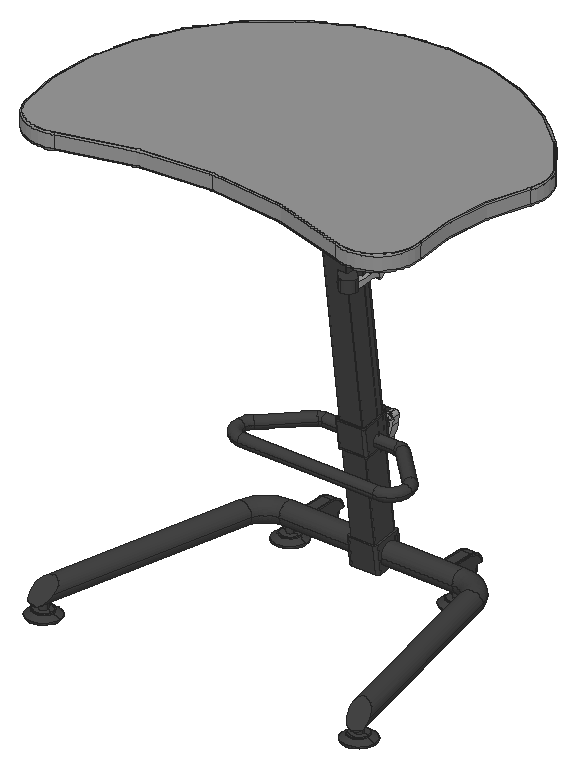
Revit family "Sail Up-Rite", category Generic Models, Revit 2018
Family settings
  Can host rebar = No
  Round Connector Dimension = Use Diameter
  Part Type = Normal
  Work Plane-Based = No
  Always vertical = Yes
  Cut with Voids When Loaded = No
  Shared = No
  Room Calculation Point = No
Parameters
  Table Height = 2' - 6"
  Surface = Sail Up-rite Surface
  Edgeband = Sail Up-rite Edgeband
Reference planes (in)
  plane 1 "Center (Front/Back)": y = 0
  plane 2: z = 0
  plane 3 "Center (Left/Right)": x = 0
  plane 4: through (0, 5.90907, 20.14558) normal (0, 0.9917, 0.1289)
  plane 5: through (0, 3.98048, 34.01392) normal (0, -0.1289, 0.9917)
  plane 6: through (0, 2.87671, 3.61812) normal (0, -0.1289, 0.9917)
Dimensions and locks (in)
  "Table Height": plane 5 to plane 6
  aligned and locked: plane 2 to level
  aligned and locked: nested 3 to nested 2
  aligned and locked: plane 5 to nested 2
Nested families (in)
  nested 1: "Up-Rite Lower Frame" at (0, -0.74927, 0) x (-1, 0, 0) z (0, 0, 1), type "Up-Rite Lower Frame"
  nested 2: "Up-Rite Upper Frame" at (0, 0.34236, -8.49213) x (-1, 0, 0) z (0, 0, 1), type "Up-Rite Upper Frame"
  nested 3: "Sail Up-Rite Tabletop" at (0, 0, -8.61713), type "Sail Up-Rite Tabletop"
Definition of nested family "Up-Rite Lower Frame"
  Reference planes (in)
    plane 1 "Center (Front/Back)": y = 0
    plane 2: z = 0
    plane 3 "Center (Left/Right)": x = 0
  Forms (in)
    Sweep 1, solid
      path origin (-0.66056, 0.54486, 0) x (1, 0, 0) y (0, 1, 0)
        loop
          line (-11.04862, 8.94382) -> (-7.43993, -6.99908)
          arc (-7.43993, -6.99908) -> (-6.95712, -7.76977) -> (-6.09885, -8.07052) r 1.375
          line (-6.09885, -8.07052) -> (7.41997, -8.07052)
          arc (7.41997, -8.07052) -> (8.27824, -7.76977) -> (8.76104, -6.99908) r 1.375
          line (8.76104, -6.99908) -> (12.36974, 8.94382)
      profile origin (0, -7.52567, 0) x (0, 1, 0) y (0, 0, 1)
        loop
          circle (-0.81949, 1.6925) r 0.81949
    Extrusion 2, void
      sketch origin (-0.66056, 0.54486, 0) x (0, 1, 0) y (0, 0, 1)
        loop
          line (7.14262, 2.54529) -> (8.81229, 0.87562) -> (9.24075, 0.87562) -> (9.24075, 2.62562) -> (7.14262, 2.62562) -> (7.14262, 2.54529)
      from -14.27732 to 14.69276
    Revolve 3, solid
      sketch origin (-0.66056, 8.52847, 0) x (1, 0, 0) y (0, 0, 1)
        loop
          line (-11.36208, 0.88449) -> (-11.66273, 0.88449) -> (-11.66273, 0) -> (-10.44983, 0)
          arc (-10.44983, 0) -> (-10.41403, 0.01976) -> (-10.42571, 0.05894) r 0.03259
          line (-10.42571, 0.05894) -> (-10.86273, 0.36) -> (-10.92641, 0.36) -> (-10.92641, 0.40121)
          arc (-10.92641, 0.40121) -> (-10.94201, 0.42442) -> (-10.96651, 0.43793) r 0.05941
          arc (-10.96651, 0.43793) -> (-11.16261, 0.4804) -> (-11.36208, 0.502) r 1.90313
          line (-11.36208, 0.502) -> (-11.36208, 0.88449)
        axis (-11.66273, 0.88449) -> (-11.66273, 0)
      angle from 0 to 360
    Revolve 4, solid
      sketch origin (23.98601, 8.52847, 0) x (1, 0, 0) y (0, 0, 1)
        loop
          line (-11.36208, 0.88449) -> (-11.66273, 0.88449) -> (-11.66273, 0) -> (-10.44983, 0)
          arc (-10.44983, 0) -> (-10.41403, 0.01976) -> (-10.42571, 0.05894) r 0.03259
          line (-10.42571, 0.05894) -> (-10.86273, 0.36) -> (-10.92641, 0.36) -> (-10.92641, 0.40121)
          arc (-10.92641, 0.40121) -> (-10.94201, 0.42442) -> (-10.96651, 0.43793) r 0.05941
          arc (-10.96651, 0.43793) -> (-11.16261, 0.4804) -> (-11.36208, 0.502) r 1.90313
          line (-11.36208, 0.502) -> (-11.36208, 0.88449)
        axis (-11.66273, 0.88449) -> (-11.66273, 0)
      angle from 0 to 360
    Revolve 5, solid
      sketch origin (18.19398, -8.33106, 0) x (1, 0, 0) y (0, 0, 1)
        loop
          line (-11.36208, 0.88449) -> (-11.66273, 0.88449) -> (-11.66273, 0) -> (-10.44983, 0)
          arc (-10.44983, 0) -> (-10.41403, 0.01976) -> (-10.42571, 0.05894) r 0.03259
          line (-10.42571, 0.05894) -> (-10.86273, 0.36) -> (-10.92641, 0.36) -> (-10.92641, 0.40121)
          arc (-10.92641, 0.40121) -> (-10.94201, 0.42442) -> (-10.96651, 0.43793) r 0.05941
          arc (-10.96651, 0.43793) -> (-11.16261, 0.4804) -> (-11.36208, 0.502) r 1.90313
          line (-11.36208, 0.502) -> (-11.36208, 0.88449)
        axis (-11.66273, 0.88449) -> (-11.66273, 0)
      angle from 0 to 360
    Revolve 6, solid
      sketch origin (5.13148, -8.33106, 0) x (1, 0, 0) y (0, 0, 1)
        loop
          line (-11.36208, 0.88449) -> (-11.66273, 0.88449) -> (-11.66273, 0) -> (-10.44983, 0)
          arc (-10.44983, 0) -> (-10.41403, 0.01976) -> (-10.42571, 0.05894) r 0.03259
          line (-10.42571, 0.05894) -> (-10.86273, 0.36) -> (-10.92641, 0.36) -> (-10.92641, 0.40121)
          arc (-10.92641, 0.40121) -> (-10.94201, 0.42442) -> (-10.96651, 0.43793) r 0.05941
          arc (-10.96651, 0.43793) -> (-11.16261, 0.4804) -> (-11.36208, 0.502) r 1.90313
          line (-11.36208, 0.502) -> (-11.36208, 0.88449)
        axis (-11.66273, 0.88449) -> (-11.66273, 0)
      angle from 0 to 360
    Revolve 7, solid
      sketch origin (-0.66056, -10.33588, 0) x (1, 0, 0) y (0, 0, 1)
        loop
          line (6.36681, 1.0606) -> (6.36681, 1.94602)
          arc (6.36681, 1.94602) -> (6.33752, 2.01673) -> (6.26681, 2.04602) r 0.1
          line (6.26681, 2.04602) -> (5.86681, 2.04602)
          arc (5.86681, 2.04602) -> (5.7961, 2.01673) -> (5.76681, 1.94602) r 0.1
          line (5.76681, 1.94602) -> (5.76681, 1.0606) -> (6.36681, 1.0606)
        axis (6.36681, 1.0606) -> (5.76681, 1.0606)
      angle from 0 to 360
    Extrusion 8, solid
      sketch origin (-0.66056, 0.54486, 0) x (0, 1, 0) y (0, 0, 1)
        loop
          line (-8.88302, 2.255) -> (-11.03302, 2.255)
          arc (-11.03302, 2.255) -> (-11.74411, 2.00319) -> (-12.13826, 1.36) r 1.12992
          line (-12.13826, 1.36) -> (-11.63555, 1.36)
          arc (-11.63555, 1.36) -> (-11.45371, 1.28468) -> (-11.37839, 1.10284) r 0.25716
          arc (-11.37839, 1.10284) -> (-11.08839, 0.6377) -> (-10.54309, 0.69333) r 0.51803
          arc (-10.54309, 0.69333) -> (-10.45821, 0.74509) -> (-10.35992, 0.76) r 0.25209
          line (-10.35992, 0.76) -> (-8.88302, 0.76) -> (-8.88302, 2.255)
      from 5.66681 to 6.46681
    Extrusion 9, solid
      sketch origin (-0.66056, 0.54486, 0) x (0, 1, 0) y (0, 0, 1)
        loop
          line (-12.03188, 1.36) -> (-11.63555, 1.36)
          arc (-11.63555, 1.36) -> (-11.45371, 1.28468) -> (-11.37839, 1.10284) r 0.25716
          arc (-11.37839, 1.10284) -> (-11.08839, 0.6377) -> (-10.54309, 0.69333) r 0.51803
          arc (-10.54309, 0.69333) -> (-10.45821, 0.74509) -> (-10.35992, 0.76) r 0.25209
          line (-10.35992, 0.76) -> (-8.88302, 0.76) -> (-8.88302, 2.155) -> (-11.03302, 2.155)
          arc (-11.03302, 2.155) -> (-11.66857, 1.92852) -> (-12.03188, 1.36) r 1.0413
      from 6.46681 to 6.56681
    Sweep 10, solid
      path origin (-0.66056, 0.55009, 0) x (0, 1, 0) y (0, 0, 1)
        loop
          line (-9.46932, 2.155) -> (-11.03302, 2.155)
          arc (-11.03302, 2.155) -> (-11.66857, 1.92852) -> (-12.03188, 1.36) r 1.0413
      profile origin (-0.66056, -9.70108, 2.155) x (0, 0, -1) y (1, 0, 0)
        loop
          line (0, -5.15519) -> (-0.1, -5.15519)
          arc (-0.1, -5.15519) -> (-0.07071, -5.2259) -> (0, -5.25519) r 0.1
          line (0, -5.25519) -> (0, -5.15519)
    Sweep 11, solid
      path origin (0.66056, 0.53565, 0) x (0, 1, 0) y (0, 0, -1)
        loop
          line (-9.46932, -2.155) -> (-11.03302, -2.155)
          arc (-11.03302, -2.155) -> (-11.66857, -1.92852) -> (-12.03188, -1.36) r 1.0413
      profile origin (0.66056, -9.71553, 2.155) x (0, 0, 1) y (-1, 0, 0)
        loop
          line (0, -5.14569) -> (0, -5.24569)
          arc (0, -5.24569) -> (0.07071, -5.2164) -> (0.1, -5.14569) r 0.1
          line (0.1, -5.14569) -> (0, -5.14569)
    Extrusion 12, solid
      sketch origin (11.47306, 0.54486, 0) x (0, 1, 0) y (0, 0, -1)
        loop
          arc (-12.03188, -1.36) -> (-11.66857, -1.92852) -> (-11.03302, -2.155) r 1.0413
          line (-11.03302, -2.155) -> (-8.88302, -2.155) -> (-8.88302, -0.76) -> (-10.35992, -0.76)
          arc (-10.35992, -0.76) -> (-10.45821, -0.74509) -> (-10.54309, -0.69333) r 0.25209
          arc (-10.54309, -0.69333) -> (-11.08839, -0.6377) -> (-11.37839, -1.10284) r 0.51803
          arc (-11.37839, -1.10284) -> (-11.45371, -1.28468) -> (-11.63555, -1.36) r 0.25716
          line (-11.63555, -1.36) -> (-12.03188, -1.36)
      from 6.46681 to 6.56681
    Sweep 13, solid
      path origin (10.15194, 0.53565, 0) x (0, 1, 0) y (0, 0, 1)
        loop
          line (-9.46932, 2.155) -> (-11.03302, 2.155)
          arc (-11.03302, 2.155) -> (-11.66857, 1.92852) -> (-12.03188, 1.36) r 1.0413
      profile origin (10.15194, -9.71553, 2.155) x (0, 0, -1) y (1, 0, 0)
        loop
          line (0, -5.14569) -> (-0.1, -5.14569)
          arc (-0.1, -5.14569) -> (-0.07071, -5.2164) -> (0, -5.24569) r 0.1
          line (0, -5.24569) -> (0, -5.14569)
    Revolve 14, solid
      sketch origin (0.66056, -10.33065, 0) x (-1, 0, 0) y (0, 0, -1)
        loop
          line (6.36681, -1.0606) -> (5.76681, -1.0606) -> (5.76681, -1.94602)
          arc (5.76681, -1.94602) -> (5.7961, -2.01673) -> (5.86681, -2.04602) r 0.1
          line (5.86681, -2.04602) -> (6.26681, -2.04602)
          arc (6.26681, -2.04602) -> (6.33752, -2.01673) -> (6.36681, -1.94602) r 0.1
          line (6.36681, -1.94602) -> (6.36681, -1.0606)
        axis (6.36681, -1.0606) -> (5.76681, -1.0606)
      angle from 0 to 360
    Extrusion 15, solid
      sketch origin (0.66056, 0.55009, 0) x (0, 1, 0) y (0, 0, -1)
        loop
          line (-8.88302, -2.255) -> (-8.88302, -0.76) -> (-10.35992, -0.76)
          arc (-10.35992, -0.76) -> (-10.45821, -0.74509) -> (-10.54309, -0.69333) r 0.25209
          arc (-10.54309, -0.69333) -> (-11.08839, -0.6377) -> (-11.37839, -1.10284) r 0.51803
          arc (-11.37839, -1.10284) -> (-11.45371, -1.28468) -> (-11.63555, -1.36) r 0.25716
          line (-11.63555, -1.36) -> (-12.13826, -1.36)
          arc (-12.13826, -1.36) -> (-11.74411, -2.00319) -> (-11.03302, -2.255) r 1.12992
          line (-11.03302, -2.255) -> (-8.88302, -2.255)
      from 5.66681 to 6.46681
    Extrusion 16, solid
      sketch origin (0.66056, 0.55009, 0) x (0, 1, 0) y (0, 0, -1)
        loop
          arc (-12.03188, -1.36) -> (-11.66857, -1.92852) -> (-11.03302, -2.155) r 1.0413
          line (-11.03302, -2.155) -> (-8.88302, -2.155) -> (-8.88302, -0.76) -> (-10.35992, -0.76)
          arc (-10.35992, -0.76) -> (-10.45821, -0.74509) -> (-10.54309, -0.69333) r 0.25209
          arc (-10.54309, -0.69333) -> (-11.08839, -0.6377) -> (-11.37839, -1.10284) r 0.51803
          arc (-11.37839, -1.10284) -> (-11.45371, -1.28468) -> (-11.63555, -1.36) r 0.25716
          line (-11.63555, -1.36) -> (-12.03188, -1.36)
      from 6.46681 to 6.56681
    Sweep 17, solid
      path origin (-0.66056, 0.54088, 0) x (0, 1, 0) y (0, 0, 1)
        loop
          line (-9.46932, 2.155) -> (-11.03302, 2.155)
          arc (-11.03302, 2.155) -> (-11.66857, 1.92852) -> (-12.03188, 1.36) r 1.0413
      profile origin (-0.66056, -9.71029, 2.155) x (0, 0, -1) y (1, 0, 0)
        loop
          line (0, -5.14569) -> (-0.1, -5.14569)
          arc (-0.1, -5.14569) -> (-0.07071, -5.2164) -> (0, -5.24569) r 0.1
          line (0, -5.24569) -> (0, -5.14569)
    Extrusion 18, solid
      sketch origin (-11.47306, 0.55009, 0) x (0, 1, 0) y (0, 0, 1)
        loop
          line (-12.03188, 1.36) -> (-11.63555, 1.36)
          arc (-11.63555, 1.36) -> (-11.45371, 1.28468) -> (-11.37839, 1.10284) r 0.25716
          arc (-11.37839, 1.10284) -> (-11.08839, 0.6377) -> (-10.54309, 0.69333) r 0.51803
          arc (-10.54309, 0.69333) -> (-10.45821, 0.74509) -> (-10.35992, 0.76) r 0.25209
          line (-10.35992, 0.76) -> (-8.88302, 0.76) -> (-8.88302, 2.155) -> (-11.03302, 2.155)
          arc (-11.03302, 2.155) -> (-11.66857, 1.92852) -> (-12.03188, 1.36) r 1.0413
      from 6.46681 to 6.56681
    Sweep 19, solid
      path origin (-10.15194, 0.54088, 0) x (0, 1, 0) y (0, 0, -1)
        loop
          line (-9.46932, -2.155) -> (-11.03302, -2.155)
          arc (-11.03302, -2.155) -> (-11.66857, -1.92852) -> (-12.03188, -1.36) r 1.0413
      profile origin (-10.15194, -9.71029, 2.155) x (0, 0, 1) y (-1, 0, 0)
        loop
          line (0, -5.14569) -> (0, -5.24569)
          arc (0, -5.24569) -> (0.07071, -5.2164) -> (0.1, -5.14569) r 0.1
          line (0.1, -5.14569) -> (0, -5.14569)
    Sweep 20, solid
      path origin (0, 0, 0) x (1, 0, 0) y (0, 1, 0)
        loop
          arc (-5.25748, -1.62529) -> (-6.45073, -2.11954) -> (-6.94498, -3.31279) r 1.6875
          arc (-6.94498, -3.31279) -> (-6.81653, -3.95856) -> (-6.45073, -4.50603) r 1.6875
          line (-6.45073, -4.50603) -> (-3.67928, -7.27748)
          arc (-3.67928, -7.27748) -> (-3.29403, -7.53489) -> (-2.83959, -7.62529) r 1.1875
          line (-2.83959, -7.62529) -> (2.84909, -7.62529)
          arc (2.84909, -7.62529) -> (3.30353, -7.53489) -> (3.68878, -7.27748) r 1.1875
          line (3.68878, -7.27748) -> (6.46023, -4.50603)
          arc (6.46023, -4.50603) -> (6.82603, -3.95856) -> (6.95448, -3.31279) r 1.6875
          arc (6.95448, -3.31279) -> (6.46023, -2.11954) -> (5.26698, -1.62529) r 1.6875
          line (5.26698, -1.62529) -> (-5.25748, -1.62529)
      profile origin (0.00475, -1.62529, 0) x (0, 1, 0) y (0, 0, 1)
        loop
          circle (-0.4375, 10.08383) r 0.4375
    Extrusion 21, solid
      sketch origin (0, -0.20148, -1.24613) x (1, 0, 0) y (0, 0.991445, -0.130526)
        loop
          arc (-1.15625, -9.40689) -> (-1.09767, -9.54831) -> (-0.95625, -9.60689) r 0.2
          line (-0.95625, -9.60689) -> (0.95796, -9.60689)
          arc (0.95796, -9.60689) -> (1.09817, -9.54881) -> (1.15625, -9.4086) r 0.19829
          line (1.15625, -9.4086) -> (1.15625, -7.49439)
          arc (1.15625, -7.49439) -> (1.09767, -7.35297) -> (0.95625, -7.29439) r 0.2
          line (0.95625, -7.29439) -> (-0.95796, -7.29439)
          arc (-0.95796, -7.29439) -> (-1.09817, -7.35247) -> (-1.15625, -7.49268) r 0.19829
          line (-1.15625, -7.49268) -> (-1.15625, -9.40689)
      from 0.78894 to 2.91394
    Extrusion 22, solid
      sketch origin (0, 0.96114, 7.58486) x (1, 0, 0) y (0, 0.991445, -0.130526)
        loop
          arc (-1.15625, -9.40689) -> (-1.09767, -9.54831) -> (-0.95625, -9.60689) r 0.2
          line (-0.95625, -9.60689) -> (0.95796, -9.60689)
          arc (0.95796, -9.60689) -> (1.09817, -9.54881) -> (1.15625, -9.4086) r 0.19829
          line (1.15625, -9.4086) -> (1.15625, -7.49439)
          arc (1.15625, -7.49439) -> (1.09767, -7.35297) -> (0.95625, -7.29439) r 0.2
          line (0.95625, -7.29439) -> (-0.95796, -7.29439)
          arc (-0.95796, -7.29439) -> (-1.09817, -7.35247) -> (-1.15625, -7.49268) r 0.19829
          line (-1.15625, -7.49268) -> (-1.15625, -9.40689)
      from 0.78894 to 2.72644
    Sweep 23, solid
      path in 3D
        loop
          arc (0.95796, -8.20769, 11.54192) -> (1.09817, -8.15011, 11.53434) -> (1.15625, -8.0111, 11.51604) r 0.19829
          line (1.15625, -8.0111, 11.51604) -> (1.15625, -6.11326, 11.26619)
          arc (1.15625, -6.11326, 11.26619) -> (1.09767, -5.97305, 11.24773) -> (0.95625, -5.91498, 11.24008) r 0.2
          line (0.95625, -5.91498, 11.24008) -> (-0.95796, -5.91498, 11.24008)
          arc (-0.95796, -5.91498, 11.24008) -> (-1.09817, -5.97256, 11.24766) -> (-1.15625, -6.11157, 11.26597) r 0.19829
          line (-1.15625, -6.11157, 11.26597) -> (-1.15625, -8.0094, 11.51582)
          arc (-1.15625, -8.0094, 11.51582) -> (-1.09767, -8.14962, 11.53428) -> (-0.95625, -8.20769, 11.54192) r 0.2
          line (-0.95625, -8.20769, 11.54192) -> (0.95796, -8.20769, 11.54192)
      profile origin (0.00086, -8.20769, 11.54192) x (0, 0.991445, -0.130526) y (0, 0.130526, 0.991445)
        loop
          line (0.0115, 0.1) -> (0.0115, 0) -> (0.1665, 0) -> (0.1665, 0.05) -> (0.15186, 0.08536) -> (0.1165, 0.1) -> (0.0115, 0.1)
    Sweep 24, solid
      path in 3D
        loop
          arc (0.95796, -8.46859, 9.56025) -> (1.09817, -8.41101, 9.55267) -> (1.15625, -8.272, 9.53437) r 0.19829
          line (1.15625, -8.272, 9.53437) -> (1.15625, -6.37416, 9.2845)
          arc (1.15625, -6.37416, 9.2845) -> (1.09767, -6.23395, 9.26604) -> (0.95625, -6.17588, 9.2584) r 0.2
          line (0.95625, -6.17588, 9.2584) -> (-0.95796, -6.17588, 9.2584)
          arc (-0.95796, -6.17588, 9.2584) -> (-1.09817, -6.23346, 9.26598) -> (-1.15625, -6.37247, 9.28428) r 0.19829
          line (-1.15625, -6.37247, 9.28428) -> (-1.15625, -8.2703, 9.53414)
          arc (-1.15625, -8.2703, 9.53414) -> (-1.09767, -8.41051, 9.5526) -> (-0.95625, -8.46859, 9.56025) r 0.2
          line (-0.95625, -8.46859, 9.56025) -> (0.95796, -8.46859, 9.56025)
      profile origin (0.00086, -8.46859, 9.56025) x (0, -0.991444, 0.130532) y (0, -0.130532, -0.991444)
        loop
          line (-0.0115, 0.1) -> (-0.1165, 0.1) -> (-0.15186, 0.08536) -> (-0.1665, 0.05) -> (-0.1665, 0) -> (-0.0115, 0) -> (-0.0115, 0.1)
    Extrusion 25, solid
      sketch origin (0, 0, 0) x (1, 0, 0) y (0, 0, 1)
        loop
          arc (-1.31266, 10.51149) -> (-1.20965, 9.99893) -> (-1.03387, 9.50656) r 3.61868
          arc (-1.03387, 9.50656) -> (-0.97924, 9.31422) -> (-0.97651, 9.1143) r 0.76233
          arc (-0.97651, 9.1143) -> (-0.98336, 8.9622) -> (-0.96809, 8.81071) r 1.04706
          arc (-0.96809, 8.81071) -> (-0.96219, 8.78879) -> (-0.95246, 8.76827) r 0.12655
          arc (-0.95246, 8.76827) -> (-0.90729, 8.74278) -> (-0.87916, 8.78636) r 0.03782
          arc (-0.87916, 8.78636) -> (-0.85761, 8.9683) -> (-0.73614, 9.10546) r 0.30656
          arc (-0.73614, 9.10546) -> (-0.80053, 9.19699) -> (-0.83142, 9.30455) r 0.33733
          arc (-0.83142, 9.30455) -> (-0.84791, 9.40212) -> (-0.87491, 9.49732) r 0.90972
          arc (-0.87491, 9.49732) -> (-1.02692, 10.02665) -> (-1.12416, 10.56873) r 5.39414
          arc (-1.12416, 10.56873) -> (-1.10163, 10.69205) -> (-1.00628, 10.77344) r 0.18704
          arc (-1.00628, 10.77344) -> (-0.97066, 10.78752) -> (-0.93537, 10.80241) r 1.66927
          arc (-0.93537, 10.80241) -> (-0.80366, 10.92003) -> (-0.76765, 11.09291) r 0.2822
          line (-0.76765, 11.09291) -> (-0.77549, 11.16216)
          arc (-0.77549, 11.16216) -> (-0.8798, 11.34854) -> (-1.08588, 11.40466) r 0.27596
          line (-1.08588, 11.40466) -> (-1.16668, 11.39397)
          arc (-1.16668, 11.39397) -> (-1.33664, 11.29602) -> (-1.38807, 11.10673) r 0.25714
          line (-1.38807, 11.10673) -> (-1.31266, 10.51149)
      from 8.49232 to 9.00732
    Revolve 26, solid
      sketch origin (-1.129, 0.0013, 0) x (0, 1, 0) y (0, 0, 1)
        loop
          line (-9.00732, 11.10931) -> (-9.00732, 11.2846)
          arc (-9.00732, 11.2846) -> (-9.0215, 11.30812) -> (-9.04892, 11.30654) r 0.02658
          arc (-9.04892, 11.30654) -> (-9.08835, 11.21141) -> (-9.1018, 11.10931) r 0.3942
          line (-9.1018, 11.10931) -> (-9.00732, 11.10931)
        axis (-9.1018, 11.10931) -> (-9.00732, 11.10931)
      angle from 0 to 360
    Revolve 27, solid
      sketch origin (-1.129, -17.50094, 0) x (0, -1, 0) y (0, 0, -1)
        loop
          line (-9.00732, -11.10931) -> (-9.1018, -11.10931)
          arc (-9.1018, -11.10931) -> (-9.08835, -11.21141) -> (-9.04892, -11.30654) r 0.3942
          arc (-9.04892, -11.30654) -> (-9.0215, -11.30812) -> (-9.00732, -11.2846) r 0.02658
          line (-9.00732, -11.2846) -> (-9.00732, -11.10931)
        axis (-9.1018, -11.10931) -> (-9.00732, -11.10931)
      angle from 0 to 360
    Extrusion 28, solid
      sketch origin (0, 0, 0) x (0, 1, 0) y (0, 0, 1)
        loop
          line (-8.01112, 11.51605) -> (-8.62651, 11.59706)
          arc (-8.62651, 11.59706) -> (-8.67955, 11.59266) -> (-8.72599, 11.56665) r 0.12543
          arc (-8.72599, 11.56665) -> (-9.18992, 10.69413) -> (-8.96763, 9.73128) r 1.41086
          arc (-8.96763, 9.73128) -> (-8.92544, 9.69159) -> (-8.86998, 9.6749) r 0.12635
          line (-8.86998, 9.6749) -> (-8.26402, 9.59512) -> (-8.01112, 11.51605)
      from -0.52525 to -0.40025
    Extrusion 29, solid
      sketch origin (0, 0, 0) x (0, 1, 0) y (0, 0, -1)
        loop
          line (-8.01112, -11.51605) -> (-8.26402, -9.59512) -> (-8.86998, -9.6749)
          arc (-8.86998, -9.6749) -> (-8.92544, -9.69159) -> (-8.96763, -9.73128) r 0.12635
          arc (-8.96763, -9.73128) -> (-9.18992, -10.69413) -> (-8.72599, -11.56665) r 1.41086
          arc (-8.72599, -11.56665) -> (-8.67955, -11.59266) -> (-8.62651, -11.59706) r 0.12543
          line (-8.62651, -11.59706) -> (-8.01112, -11.51605)
      from -0.52525 to -0.40025
    Extrusion 30, solid
      sketch origin (0, 0, 0) x (0, 1, 0) y (0, 0, 1)
        loop
          circle (-8.75232, 11.10931) r 0.115
      from -0.93981 to 0.70475
    Extrusion 31, solid
      sketch origin (0, 0, 0) x (0, 1, 0) y (0, 0, 1)
        loop
          circle (-8.75502, 11.10931) r 0.3467
      from -0.67925 to -0.52525
    Extrusion 32, solid
      sketch origin (1.63844, 0, 0) x (0, 1, 0) y (0, 0, 1)
        loop
          circle (-8.75502, 11.10931) r 0.26043
      from -0.93369 to -0.52869
    Extrusion 33, solid
      sketch origin (1.2045, 0, 0) x (0, 1, 0) y (0, 0, 1)
        loop
          circle (-8.75502, 11.10931) r 0.3467
      from -0.67925 to -0.49975
    Extrusion 34, solid
      sketch origin (0, -0.28027, -1.20959) x (1, 0, 0) y (0, 0.991445, -0.130526)
        loop
          arc (-0.91525, -9.30793) -> (-0.90073, -9.34299) -> (-0.86568, -9.3575) r 0.04957
          line (-0.86568, -9.3575) -> (0.86475, -9.3575)
          arc (0.86475, -9.3575) -> (0.90011, -9.34286) -> (0.91475, -9.3075) r 0.05
          line (0.91475, -9.3075) -> (0.91475, -7.42708)
          arc (0.91475, -7.42708) -> (0.90023, -7.39202) -> (0.86518, -7.3775) r 0.04957
          line (0.86518, -7.3775) -> (-0.86525, -7.3775)
          arc (-0.86525, -7.3775) -> (-0.90061, -7.39215) -> (-0.91525, -7.4275) r 0.05
          line (-0.91525, -7.4275) -> (-0.91525, -9.30793)
      from 0.88799 to 24.29799
    Extrusion 35, solid
      sketch origin (0, 0, 0) x (1, 0, 0) y (0, 1, 0)
        loop
          line (-1.8153, -4.4765) -> (-0.75612, -5.53567) -> (0.05368, -4.72587) -> (-0.97748, -3.69472)
          arc (-0.97748, -3.69472) -> (-1.0647, -3.66749) -> (-1.15576, -3.66007) r 0.41365
          arc (-1.15576, -3.66007) -> (-1.61755, -3.83126) -> (-1.88101, -4.24736) r 0.76967
          arc (-1.88101, -4.24736) -> (-1.87851, -4.37063) -> (-1.8153, -4.4765) r 0.24069
      from 21.94983 to 22.81735
    Extrusion 36, solid
      sketch origin (0, -3.00302, -0.32801) x (1, 0, 0) y (0, 0.991445, -0.130528)
        loop
          arc (-1.77439, -4.00368) -> (-2.07423, -5.16695) -> (-1.88156, -6.35268) r 2.927
          arc (-1.88156, -6.35268) -> (-1.85944, -6.62526) -> (-1.98876, -6.86623) r 0.48341
          arc (-1.98876, -6.86623) -> (-2.02022, -6.89708) -> (-2.03121, -6.93975) r 0.08217
          line (-2.03121, -6.93975) -> (-2.03121, -7.03793)
          arc (-2.03121, -7.03793) -> (-1.9807, -7.12036) -> (-1.88433, -7.11277) r 0.09251
          arc (-1.88433, -7.11277) -> (-1.57434, -6.66174) -> (-1.61728, -6.11613) r 0.81977
          arc (-1.61728, -6.11613) -> (-1.78049, -5.53369) -> (-1.61728, -4.95125) r 1.12087
          line (-1.61728, -4.95125) -> (-1.39123, -4.90057) -> (-1.39123, -4.08033) -> (-1.77439, -4.00368)
      from 21.38296 to 23.38192
    Extrusion 37, void
      sketch origin (0, 0, 0) x (0, 1, 0) y (0, 0, 1)
        loop
          line (-5.53546, 22.77732) -> (-4.00368, 22.53471) -> (-3.50368, 22.53471) -> (-3.50368, 23.94517) -> (-7.50368, 23.94517) -> (-7.50368, 21.34325) -> (-3.50368, 21.34325) -> (-3.50368, 22.09325) -> (-4.00368, 22.09325) -> (-5.476, 22.32644)
          arc (-5.476, 22.32644) -> (-6.05859, 22.26843) -> (-6.54216, 21.93839) r 1.18405
          arc (-6.54216, 21.93839) -> (-6.62854, 21.84364) -> (-6.75072, 21.88251) r 0.11883
          arc (-6.75072, 21.88251) -> (-7.02151, 22.63251) -> (-6.75072, 23.38251) r 1.17403
          arc (-6.75072, 23.38251) -> (-6.55982, 23.48251) -> (-6.35444, 23.41718) r 0.27984
          arc (-6.35444, 23.41718) -> (-6.02769, 22.99134) -> (-5.53546, 22.77732) r 1.07187
      from -1.26872 to -6.27069
  Cuts and joins
    Extrusion 2 cuts Sweep 1
    Extrusion 37 cuts Extrusion 34
    Extrusion 37 cuts Extrusion 36
  Lines and regions (in)
    sketch lines
      curve 1: line (-0.95625, -8.20769, 11.54192) -> (0.95796, -8.20769, 11.54192)
      curve 2: arc (-0.95625, -8.20769, 11.54192) -> (-1.09767, -8.14962, 11.53428) -> (-1.15625, -8.0094, 11.51582) r 0.2
      curve 3: line (-1.15625, -6.11157, 11.26597) -> (-1.15625, -8.0094, 11.51582)
      curve 4: arc (-1.15625, -6.11157, 11.26597) -> (-1.09817, -5.97256, 11.24766) -> (-0.95796, -5.91498, 11.24008) r 0.19829
      curve 5: line (0.95625, -5.91498, 11.24008) -> (-0.95796, -5.91498, 11.24008)
      curve 6: arc (0.95625, -5.91498, 11.24008) -> (1.09767, -5.97305, 11.24773) -> (1.15625, -6.11326, 11.26619) r 0.2
      curve 7: line (1.15625, -8.0111, 11.51604) -> (1.15625, -6.11326, 11.26619)
      curve 8: arc (1.15625, -8.0111, 11.51604) -> (1.09817, -8.15011, 11.53434) -> (0.95796, -8.20769, 11.54192) r 0.19829
      curve 10: line (-0.95625, -8.46859, 9.56025) -> (0.95796, -8.46859, 9.56025)
      curve 11: arc (-0.95625, -8.46859, 9.56025) -> (-1.09767, -8.41051, 9.5526) -> (-1.15625, -8.2703, 9.53414) r 0.2
      curve 12: line (-1.15625, -6.37247, 9.28428) -> (-1.15625, -8.2703, 9.53414)
      curve 13: arc (-1.15625, -6.37247, 9.28428) -> (-1.09817, -6.23346, 9.26598) -> (-0.95796, -6.17588, 9.2584) r 0.19829
      curve 14: line (0.95625, -6.17588, 9.2584) -> (-0.95796, -6.17588, 9.2584)
      curve 15: arc (0.95625, -6.17588, 9.2584) -> (1.09767, -6.23395, 9.26604) -> (1.15625, -6.37416, 9.2845) r 0.2
      curve 16: line (1.15625, -8.272, 9.53437) -> (1.15625, -6.37416, 9.2845)
      curve 17: arc (1.15625, -8.272, 9.53437) -> (1.09817, -8.41101, 9.55267) -> (0.95796, -8.46859, 9.56025) r 0.19829
    symbolic lines
      curve 9: line (0, -7.49342, 9.49367) -> (0, -7.24052, 11.41459)
      curve 18: line (0, -4.05918, 22.32277) -> (0, -4.05918, 22.81735)
  Dimensions and locks (in)
    aligned and locked: plane 2 to level
Definition of nested family "Up-Rite Upper Frame"
  Reference planes (in)
    plane 1 "Center (Front/Back)": y = 0
    plane 2: z = 0
    plane 3 "Center (Left/Right)": x = 0
  Forms (in)
    Extrusion 1, solid
      sketch origin (0, -5.30479, 0.02914) x (1, 0, 0) y (0, 0.991659, -0.128891)
        loop
          line (-0.75219, -2.58496) -> (-0.75219, -3.82213)
          arc (-0.75219, -3.82213) -> (-0.71558, -3.91052) -> (-0.62719, -3.94713) r 0.125
          line (-0.62719, -3.94713) -> (0.62281, -3.94713)
          arc (0.62281, -3.94713) -> (0.7112, -3.91052) -> (0.74781, -3.82213) r 0.125
          line (0.74781, -3.82213) -> (0.74781, -2.58496)
          arc (0.74781, -2.58496) -> (0.7112, -2.49657) -> (0.62281, -2.45996) r 0.125
          line (0.62281, -2.45996) -> (-0.62719, -2.45996)
          arc (-0.62719, -2.45996) -> (-0.71558, -2.49657) -> (-0.75219, -2.58496) r 0.125
      from 16.77344 to 42.33742
    Extrusion 2, solid
      sketch origin (0, 0, 0) x (1, 0, 0) y (0, 0, 1)
        loop
          line (-2.76817, 41.475) -> (-2.76817, 41.8)
          arc (-2.76817, 41.8) -> (-2.7462, 41.85303) -> (-2.69317, 41.875) r 0.075
          line (-2.69317, 41.875) -> (-1.64109, 41.875)
          arc (-1.64109, 41.875) -> (-1.51187, 41.82797) -> (-1.44311, 41.70888) r 0.20103
          line (-1.44311, 41.70888) -> (-1.28751, 41.12817)
          arc (-1.28751, 41.12817) -> (-1.21931, 41.03077) -> (-1.10447, 41) r 0.17382
          line (-1.10447, 41) -> (1.09813, 41)
          arc (1.09813, 41) -> (1.21298, 41.03077) -> (1.28118, 41.12817) r 0.17382
          line (1.28118, 41.12817) -> (1.43678, 41.70888)
          arc (1.43678, 41.70888) -> (1.50553, 41.82797) -> (1.63476, 41.875) r 0.20103
          line (1.63476, 41.875) -> (2.68684, 41.875)
          arc (2.68684, 41.875) -> (2.73987, 41.85303) -> (2.76183, 41.8) r 0.075
          line (2.76183, 41.8) -> (2.76183, 41.475) -> (2.88683, 41.475) -> (2.88683, 41.8)
          arc (2.88683, 41.8) -> (2.82826, 41.94142) -> (2.68684, 42) r 0.2
          line (2.68684, 42) -> (1.63476, 42)
          arc (1.63476, 42) -> (1.42754, 41.92568) -> (1.31479, 41.73659) r 0.32603
          line (1.31479, 41.73659) -> (1.16044, 41.16052)
          arc (1.16044, 41.16052) -> (1.1367, 41.12976) -> (1.09813, 41.125) r 0.05044
          line (1.09813, 41.125) -> (-1.10447, 41.125)
          arc (-1.10447, 41.125) -> (-1.14303, 41.12976) -> (-1.16677, 41.16052) r 0.05044
          line (-1.16677, 41.16052) -> (-1.32113, 41.73659)
          arc (-1.32113, 41.73659) -> (-1.43387, 41.92568) -> (-1.64109, 42) r 0.32603
          line (-1.64109, 42) -> (-2.69317, 42)
          arc (-2.69317, 42) -> (-2.83459, 41.94142) -> (-2.89317, 41.8) r 0.2
          line (-2.89317, 41.8) -> (-2.89317, 41.475) -> (-2.76817, 41.475)
      from -0.44193 to 5.43307
  Dimensions and locks (in)
    aligned and locked: plane 2 to level
Definition of nested family "Sail Up-Rite Tabletop"
  Parameters (values of type "Sail Up-Rite Tabletop")
    Surface = none
    Edgeband = none
  Reference planes (in)
    plane 1 "Center (Front/Back)": y = 0
    plane 2: z = 0
    plane 3 "Center (Left/Right)": x = 0
  Forms (in)
    Extrusion 1, solid, material <- "Surface"
      sketch origin (0, 0, 0) x (1, 0, 0) y (0, 1, 0)
        loop
          arc (-14.53761, -8.23664) -> (-13.05345, -10.08211) -> (-10.68807, -10.19808) r 2.88939
          arc (-10.68807, -10.19808) -> (-5.43844, -8.6736) -> (0, -8.12053) r 30.19701
          arc (0, -8.12053) -> (5.75557, -8.60993) -> (11.31345, -10.18349) r 30.27689
          arc (11.31345, -10.18349) -> (14.19086, -9.72619) -> (15.20382, -6.99443) r 2.88632
          arc (15.20382, -6.99443) -> (15.04148, -2.16945) -> (16.22191, 2.51173) r 17.25864
          arc (16.22191, 2.51173) -> (16.42364, 3.87244) -> (15.97381, 5.1724) r 2.89163
          arc (15.97381, 5.1724) -> (-4.99691, 11.47203) -> (-14.53761, -8.23664) r 16.87687
      from 42.125 to 43.375
    Sweep 2, solid, material <- "Edgeband"
      path origin (0, 0, 0) x (1, 0, 0) y (0, 1, 0)
        loop
          arc (15.97381, 5.1724) -> (-4.99691, 11.47203) -> (-14.53761, -8.23664) r 16.87687
          arc (-14.53761, -8.23664) -> (-13.05345, -10.08211) -> (-10.68807, -10.19808) r 2.88939
          arc (-10.68807, -10.19808) -> (-5.43844, -8.6736) -> (0, -8.12053) r 30.19701
          arc (0, -8.12053) -> (5.75557, -8.60993) -> (11.31345, -10.18349) r 30.27689
          arc (11.31345, -10.18349) -> (14.19086, -9.72619) -> (15.20382, -6.99443) r 2.88632
          arc (15.20382, -6.99443) -> (15.04148, -2.16945) -> (16.22191, 2.51173) r 17.25864
          arc (16.22191, 2.51173) -> (16.42364, 3.87244) -> (15.97381, 5.1724) r 2.89163
      profile origin (-4.99691, 11.47203, 0) x (0.402337, -0.915492, 0) y (0, 0, 1)
        loop
          line (0, 42.125) -> (0, 43.375)
          arc (0, 43.375) -> (-0.07603, 43.33186) -> (-0.10677, 43.25003) r 0.12831
          line (-0.10677, 43.25003) -> (-0.10677, 42.25003)
          arc (-0.10677, 42.25003) -> (-0.07645, 42.16782) -> (0, 42.125) r 0.12658
  Dimensions and locks (in)
    aligned and locked: plane 2 to level
